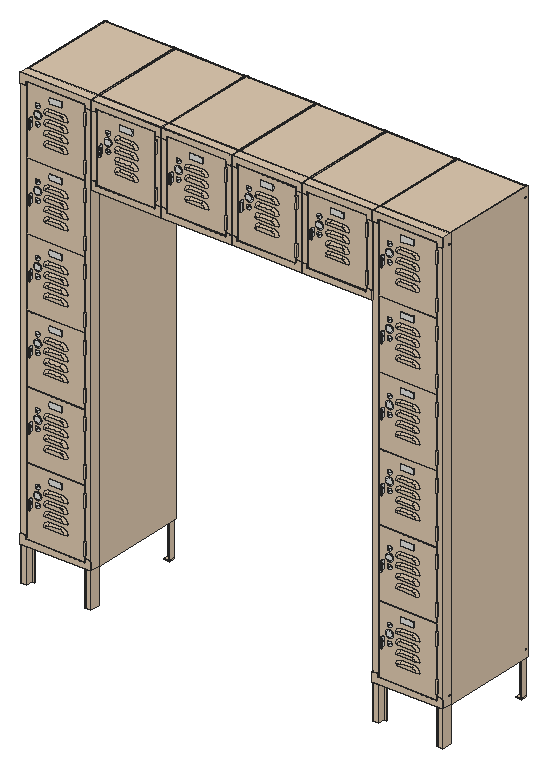
Revit family "Metal_Lockers-Salsbury_Industries-66000_Series-Bridge_Unit", category Specialty Equipment, Revit 2016
Family settings
  Part Type = Normal
  Round Connector Dimension = Use Diameter
  OmniClass Number = 23.40.00.00
  OmniClass Title = Equipment and Furnishings
  Work Plane-Based = No
  Always vertical = Yes
  Cut with Voids When Loaded = No
  Shared = No
  Room Calculation Point = No
Parameters (values of type "66016- with Standard 6" High Legs")
  Zee Base Corner - Right Side = Metal Locker Zee Base Corner : None
  Zee Base Corner - Left Side = Metal Locker Zee Base Corner : None
  Zee Base - Right Side = Metal Locker Zee Base-Right Side : None
  Zee Base - Left Side = Metal Locker Zee Base-Left Side : None
  Zee Base = Metal Locker Zee Base : None
  Width = 72.040"
  Version = "2.0 (03/30/18)"
  Unit Height including Sloping Hood Only [instance] = 82.739"
  URL = "www.lockers.com"
  Type Comments = "Standard Metal Lockers - Six Tier Box Style Bridge"
  Total Doors Height [instance] = 69.81949"
  Sloping Top In-Line Filler - Right Side [instance] = Metal Locker Sloping Top Filler : None
  Sloping Top In-Line Filler - Left Side [instance] = Metal Locker Sloping Top Filler : None
  Sloping Top Corner Filler - Right Side [instance] = Metal Locker Sloping Corner Filler : None
  Sloping Top Corner Filler - Left Side [instance] = Metal Locker Sloping Corner Filler : None
  Sloping Hood Height = 10.739"
  Sloping Hood [instance] = Metal Locker Sloping Hood : None
  Right Side Base [instance] = Metal Locker Right Side Base : None
  Primary Structure Material [instance] = Paint - Salsbury Finish - Tan
  Overall Width including Rivets [instance] = 72.120"
  Unit Height including Base Only [instance] = 78.000"
  Overall Unit Height (including Base and Sloping Hood) [instance] = 88.739"
  OmniClass 23 Title = "Equipment and Furnishings"
  OmniClass 23 Number = "23.40.00.00"
  Model = "66016"
  MasterFormat Title = "Lockers"
  MasterFormat Number = "10 51 13"
  Manufacturer = "Salsbury Industries"
  Left Side Base [instance] = Metal Locker Left Side Base : None
  Individual Door Height [instance] = 11.57358"
  Height = 72.000"
  Hasp Plate Rivet Material = Steel -Salsbury Finish - Polished Steel
  Hasp Handle Material = Plastic - Salsbury Finish - Black
  Front Vertical Filler - Right [instance] = Metal Locker Front Filler : None
  Front Vertical Filler - Left [instance] = Metal Locker Front Filler : None
  Front Base [instance] = Metal Locker Front Base : None
  Flat Top In-Line Filler - Right Side [instance] = Metal Locker Flat Top Filler : None
  Flat Top In-Line Filler - Left Side [instance] = Metal Locker Flat Top Filler : None
  Flat Top Corner Filler - Right Side [instance] = Metal Locker Flat Corner Filler : None
  Flat Top Corner Filler - Left Side [instance] = Metal Locker Flat Corner Filler : None
  Individual Door Width [instance] = 9.901"
  End Panel - Right Side [instance] = Metal Locker End Panel : None
  End Panel - Left Side [instance] = Metal Locker End Panel : None
  Door Location D6 = Metal Locker Doors-12 inch with Latch Hasps : Six Tier Door - 6 foot
  Door Location D5 = Metal Locker Doors-12 inch with Latch Hasps : Six Tier Door - 6 foot
  Door Location D4 = Metal Locker Doors-12 inch with Latch Hasps : Six Tier Door - 6 foot
  Door Location D3 = Metal Locker Doors-12 inch with Latch Hasps : Six Tier Door - 6 foot
  Door Location D2 = Metal Locker Doors-12 inch with Latch Hasps : Six Tier Door - 6 foot
  Door Location D1 = Metal Locker Doors-12 inch with Latch Hasps : Six Tier Door - 6 foot
  Description = "6 Feet High - 18 Inches Deep"
  Depth = 18.010"
  Base Height = 6.000"
  Standard Leg Base = Metal Locker Legs : 6" High - 12"W x 18"D - Bridge
  Assembly Code = "C1030310"
Reference planes (in)
  plane 1 "Center (Front/Back)": y = 0
  plane 2: z = 0
  plane 3 "Center (Left/Right)": x = 0
  plane 4 "Floor": z = 0
  plane 5 "Bottom of Unit": z = 6
  plane 6 "Top of Unit": z = 78
  plane 7 "Left Side of Unit": x = -36.02
  plane 8 "Right Side of Unit": x = 36.02
  plane 9 "Back of Unit": y = 9.005
  plane 10 "Front of Unit": y = -9.005
  plane 11 "Top of Sloping Hood": z = 88.739
  plane 12 "Left Rivet": x = -36.06
  plane 13 "Right Rivet": x = 36.06
  plane 14 "Right Side of Door Opening": x = 35.02
  plane 15 "Left Side of Door Opening": x = -35.02
  plane 16 "Top of Door Opening": z = 77
  plane 17 "Bottom of Door Opening": z = 7
  plane 18 "Back Edge of Front Facing": y = -7.417
  plane 19 "Front Plate Plane": y = -9.065
  plane 20 "Horizontal Center of Top Rivets": z = 76.5
  plane 21 "Horiz Center of Bottom Rivets": z = 7.5
  plane 22 "Vertical Center of Back Rivets": y = 8.505
  plane 23 "Vertical Center of Front Rivets": y = -7.755
  plane 24 "Right Align Top Filler Overlap": x = 35.435
  plane 25 "Left Align Top Filler Overlap": x = -35.435
  plane 26 "Corner Filler Align-Left": x = -36.08
  plane 27 "Corner Filler Align-Right": x = 36.08
  plane 28 "Left Side of Door": x = -34.95029
  plane 29 "Right Side of Door": x = 34.95026
  plane 30 "Top of Door 1": z = 76.90976
  plane 31 "Bottom of Bottom Door": z = 7.09027
  plane 32: z = 18.72685
  plane 33: z = 30.36343
  plane 34: z = 18.78985
  plane 35: z = 30.42643
  plane 36: z = 42.00001
  plane 37: z = 42.06301
  plane 38: z = 18.66385
  plane 39: z = 30.30043
  plane 40: z = 41.93701
  plane 41: x = -35.669
  plane 42: x = 35.669
  plane 43: z = 53.5736
  plane 44: z = 53.6366
  plane 45: z = 53.6996
  plane 46: z = 65.21018
  plane 47: z = 65.27318
  plane 48: z = 65.33618
  plane 49 "Vertical Divider 1 and 2": x = -12.00667
  plane 50 "Vertical Divider 2 and 3": x = 12.00667
  plane 51 "Right Side of Unit 1": x = -24.01333
  plane 52 "Left Side of Unit 2": x = 24.01333
  plane 53: x = -22.94333
  plane 54: x = -23.01333
  plane 55: x = -11.00667
  plane 56: x = -10.93667
  plane 57: x = 1
  plane 58: x = 1.07
  plane 59: x = 13.00667
  plane 60: x = 13.07667
  plane 61 "Bottom of Horizontal Section": z = 64.24759
  plane 62 "Bottom of Door Opening-Horiztonal": z = 65.24759
  plane 63 "Center or Coat Rod": z = 60.1846
  plane 64: x = -25.04929
  plane 65 "Compartment Align 2": z = 54.1366
  plane 66 "Compartment Align 3": z = 42.50001
  plane 67 "Compartment Align 4": z = 30.86343
  plane 68 "Compartment Align 5": z = 19.22685
  plane 69 "Compartment Align 1": z = 65.74759
  plane 70: y = 8.945
  plane 71: y = 8.88719
  plane 72: y = 8.145
  plane 73: x = 35.95967
  plane 74: x = 35.89967
  plane 75: x = 35.63467
  plane 76: x = 24.133
  plane 77: x = 24.39757
  plane 78: x = 24.073
  plane 79: z = 76.40796
  plane 80: z = 77
  plane 81: x = 35.095
  plane 82: x = 24.93833
  plane 83: x = 35.095
  plane 84: x = 24.93833
  plane 85: z = 7.59204
  plane 86: z = 7
  plane 87: z = 77.94
  plane 88: z = 77.20499
  plane 89: z = 65.68759
  plane 90: z = 64.95258
  plane 91: z = 54.0766
  plane 92: z = 53.34159
  plane 93: z = 42.44001
  plane 94: z = 41.705
  plane 95: z = 30.80343
  plane 96: z = 30.06842
  plane 97: z = 19.16685
  plane 98: z = 18.43184
  plane 99: z = 6.9204
  plane 100: z = 6.18539
  plane 101: x = -35.96
  plane 102: x = -35.9
  plane 103: x = -35.635
  plane 104: x = -24.39833
  plane 105: x = -24.07333
  plane 106: x = -24.13333
  plane 107: x = -23.95333
  plane 108: x = -23.89333
  plane 109: x = -23.62833
  plane 110: x = 23.953
  plane 111: x = 22.953
  plane 112: x = -22.953
  plane 113: x = -12.06667
  plane 114: x = -12.12667
  plane 115: x = -12.39167
  plane 116: x = -11.94667
  plane 117: x = -11.88667
  plane 118: x = -11.62167
  plane 119: x = -0.06
  plane 120: x = -0.12
  plane 121: x = -0.385
  plane 122: x = 0.06
  plane 123: x = 0.12
  plane 124: x = 0.385
  plane 125: x = 11.94667
  plane 126: x = 11.88667
  plane 127: x = 11.62167
  plane 128: x = 12.06667
  plane 129: x = 12.12667
  plane 130: x = 12.39167
  plane 131: x = 23.89333
  plane 132: x = 23.62833
  plane 133: x = -24.93833
  plane 134: x = -35.095
  plane 135: x = -23.08833
  plane 136: x = -35.095
  plane 137: x = -24.93833
  plane 138: z = 7.59204
  plane 139: z = 7
  plane 140: z = 65.83963
  plane 141: x = -11.08167
  plane 142: x = -0.925
  plane 143: x = 0.925
  plane 144: x = 11.08167
  plane 145: x = 12.93167
  plane 146: x = 23.08833
  plane 147: x = -12.93167
  plane 148: z = 65.16799
  plane 149: z = 64.43298
  plane 150: x = -13.00667
  plane 151: x = -1
  plane 152: x = 11.00667
  plane 153: x = 23.01333
  plane 154: x = 25.01333
  plane 155: z = 60.68452
  plane 156: z = 59.68447
Forms (in)
  Sweep 1, solid, material "Paint - Salsbury Finish - Tan" <- "Primary Structure Material"
    path origin (0, -9.005, 0) x (1, 0, 0) y (0, 0, 1)
      loop
        line (-36.02, 78) -> (-36.02, 6) -> (-24.01333, 6) -> (-24.01333, 78) -> (-36.02, 78)
    profile origin (-30.01667, -9.005, 78) x (0, 0, 1) y (0, -1, 0)
      loop
        line (0, 0) -> (-1, 0) -> (-1, -1.588) -> (0, -1.588) -> (0, 0)
  Extrusion 2, solid, material "Paint - Salsbury Finish - Tan" <- "Primary Structure Material"
    sketch origin (0, 0, 6) x (0, -1, 0) y (1, 0, 0)
      loop
        line (7.417, -24.01333) -> (-9.005, -24.01333) -> (-9.005, -24.39833) -> (-8.945, -24.39833) -> (-8.945, -24.07333) -> (7.417, -24.07333) -> (7.417, -24.01333)
    from 0 to 72
  Extrusion 3, solid, material "Paint - Salsbury Finish - Tan" <- "Primary Structure Material"
    sketch origin (0, 0, 6) x (0, -1, 0) y (1, 0, 0)
      loop
        line (7.417, -36.02) -> (7.417, -35.96) -> (-8.945, -35.96) -> (-8.945, -35.635) -> (-9.005, -35.635) -> (-9.005, -36.02) -> (7.417, -36.02)
    from 0 to 72
  Extrusion 4, solid, material "Paint - Salsbury Finish - Tan" <- "Primary Structure Material"
    sketch origin (0, 0, 6) x (0, -1, 0) y (1, 0, 0)
      loop
        line (-8.945, -35.96) -> (-8.145, -35.96) -> (-8.145, -35.9) -> (-8.88719, -35.9) -> (-8.88719, -24.13333) -> (-8.145, -24.13333) -> (-8.145, -24.07333) -> (-8.945, -24.07333) -> (-8.945, -35.96)
    from 0 to 72
  Sweep 5, solid, material "Paint - Salsbury Finish - Tan" <- "Primary Structure Material"
    path origin (0, 0, 7) x (0, -1, 0) y (1, 0, 0)
      loop
        line (7.417, -35.96) -> (7.417, -24.07333) -> (-8.145, -24.07333) -> (-8.145, -24.13333) -> (-8.88719, -24.13333) -> (-8.88719, -35.9) -> (-8.145, -35.9) -> (-8.145, -35.96) -> (7.417, -35.96)
    profile origin (-35.96, 0.364, 7) x (-1, 0, 0) y (0, 0, 1)
      loop
        line (0, -0.81461) -> (0, -0.0796) -> (-0.06, -0.0796) -> (-0.06, -0.81461) -> (0, -0.81461)
  Extrusion 6, solid, material "Paint - Salsbury Finish - Tan" <- "Primary Structure Material"
    sketch origin (0, 0, 7) x (0, -1, 0) y (1, 0, 0)
      loop
        line (-8.88719, -35.9) -> (-8.145, -35.9) -> (-8.145, -35.96) -> (7.417, -35.96) -> (7.417, -24.07333) -> (-8.145, -24.07333) -> (-8.145, -24.13333) -> (-8.88719, -24.13333) -> (-8.88719, -35.9)
    from -0.0796 to 0
  Extrusion 7, solid, material "Paint - Salsbury Finish - Tan" <- "Primary Structure Material"
    sketch origin (0, 0, 78) x (0, -1, 0) y (1, 0, 0)
      loop
        line (-8.88719, -35.9) -> (-8.145, -35.9) -> (-8.145, -35.96) -> (7.417, -35.96) -> (7.417, -24.07333) -> (-8.145, -24.07333) -> (-8.145, -24.13333) -> (-8.88719, -24.13333) -> (-8.88719, -35.9)
    from -0.06 to 0
  Sweep 8, solid, material "Paint - Salsbury Finish - Tan" <- "Primary Structure Material"
    path origin (0, 0, 78) x (0, -1, 0) y (1, 0, 0)
      loop
        line (7.417, -35.96) -> (7.417, -24.07333) -> (-8.145, -24.07333) -> (-8.145, -24.13333) -> (-8.88719, -24.13333) -> (-8.88719, -35.9) -> (-8.145, -35.9) -> (-8.145, -35.96) -> (7.417, -35.96)
    profile origin (-35.96, 0.364, 78) x (-1, 0, 0) y (0, 0, 1)
      loop
        line (0, -0.79501) -> (0, -0.06) -> (-0.06, -0.06) -> (-0.06, -0.79501) -> (0, -0.79501)
  Extrusion 9, solid, material "Paint - Salsbury Finish - Tan" <- "Primary Structure Material"
    sketch origin (0, -9.065, 0) x (0, 0, -1) y (1, 0, 0)
      loop
        line (-78, -36.02) -> (-76.47656, -36.02)
        arc (-76.47656, -36.02) -> (-76.42806, -35.99991) -> (-76.40796, -35.9514) r 0.0686
        line (-76.40796, -35.9514) -> (-76.40796, -35.16351)
        arc (-76.40796, -35.16351) -> (-76.42809, -35.11506) -> (-76.47656, -35.095) r 0.0686
        line (-76.47656, -35.095) -> (-77, -35.095) -> (-77, -24.93833) -> (-76.47656, -24.93833)
        arc (-76.47656, -24.93833) -> (-76.42809, -24.91827) -> (-76.40796, -24.86982) r 0.0686
        line (-76.40796, -24.86982) -> (-76.40796, -24.08193)
        arc (-76.40796, -24.08193) -> (-76.42806, -24.03343) -> (-76.47656, -24.01333) r 0.0686
        line (-76.47656, -24.01333) -> (-78, -24.01333) -> (-78, -36.02)
    from -0.06 to 0
  Extrusion 10, solid, material "Paint - Salsbury Finish - Tan" <- "Primary Structure Material"
    sketch origin (0, -9.065, 84) x (0, 0, 1) y (-1, 0, 0)
      loop
        line (-78, 36.02) -> (-78, 24.01333) -> (-76.47656, 24.01333)
        arc (-76.47656, 24.01333) -> (-76.42806, 24.03343) -> (-76.40796, 24.08193) r 0.0686
        line (-76.40796, 24.08193) -> (-76.40796, 24.86982)
        arc (-76.40796, 24.86982) -> (-76.42809, 24.91827) -> (-76.47656, 24.93833) r 0.0686
        line (-76.47656, 24.93833) -> (-77, 24.93833) -> (-77, 35.095) -> (-76.47656, 35.095)
        arc (-76.47656, 35.095) -> (-76.42809, 35.11506) -> (-76.40796, 35.16351) r 0.0686
        line (-76.40796, 35.16351) -> (-76.40796, 35.9514)
        arc (-76.40796, 35.9514) -> (-76.42806, 35.99991) -> (-76.47656, 36.02) r 0.0686
        line (-76.47656, 36.02) -> (-78, 36.02)
    from -0.06 to 0
  Blend 11, solid, material "Steel -Salsbury Finish - Polished Steel" <- "Hasp Plate Rivet Material"
    base sketch origin (36.02, -84.255, 68.745) x (0, -1, 0) y (0, 0, 1)
      loop
        circle (-76.5, 7.755) r 0.187
    top sketch origin (36.02, -84.255, 68.745) x (0, -1, 0) y (0, 0, 1)
      loop
        circle (-76.5, 7.755) r 0.05319
    from 0 to -0.04
  Blend 12, solid, material "Steel -Salsbury Finish - Polished Steel" <- "Hasp Plate Rivet Material"
    base sketch origin (36.02, -84.255, -0.255) x (0, -1, 0) y (0, 0, 1)
      loop
        circle (-76.5, 7.755) r 0.187
    top sketch origin (36.02, -84.255, -0.255) x (0, -1, 0) y (0, 0, 1)
      loop
        circle (-76.5, 7.755) r 0.05319
    from 0 to -0.04
  Blend 13, solid, material "Steel -Salsbury Finish - Polished Steel" <- "Hasp Plate Rivet Material"
    base sketch origin (36.02, 85.005, 9.255) x (0, 1, 0) y (0, 0, -1)
      loop
        circle (-76.5, 1.755) r 0.187
    top sketch origin (36.02, 85.005, 9.255) x (0, 1, 0) y (0, 0, -1)
      loop
        circle (-76.5, 1.755) r 0.05319
    from 0 to -0.04
  Blend 14, solid, material "Steel -Salsbury Finish - Polished Steel" <- "Hasp Plate Rivet Material"
    base sketch origin (36.02, 85.005, 78.255) x (0, 1, 0) y (0, 0, -1)
      loop
        circle (-76.5, 1.755) r 0.187
    top sketch origin (36.02, 85.005, 78.255) x (0, 1, 0) y (0, 0, -1)
      loop
        circle (-76.5, 1.755) r 0.05319
    from 0 to -0.04
  Blend 15, solid, material "Steel -Salsbury Finish - Polished Steel" <- "Hasp Plate Rivet Material"
    base sketch origin (-6.02, -84.255, -0.255) x (0, -1, 0) y (0, 0, -1)
      loop
        circle (-76.5, -7.755) r 0.187
    top sketch origin (-6.02, -84.255, -0.255) x (0, -1, 0) y (0, 0, -1)
      loop
        circle (-76.5, -7.755) r 0.05319
    from -30 to -30.04
  Blend 16, solid, material "Steel -Salsbury Finish - Polished Steel" <- "Hasp Plate Rivet Material"
    base sketch origin (-6.02, -67.995, 5.745) x (0, -1, 0) y (0, 0, -1)
      loop
        circle (-76.5, -1.755) r 0.187
    top sketch origin (-6.02, -67.995, 5.745) x (0, -1, 0) y (0, 0, -1)
      loop
        circle (-76.5, -1.755) r 0.05319
    from -30 to -30.04
  Blend 17, solid, material "Steel -Salsbury Finish - Polished Steel" <- "Hasp Plate Rivet Material"
    base sketch origin (-6.02, -84.255, 68.745) x (0, -1, 0) y (0, 0, -1)
      loop
        circle (-76.5, -7.755) r 0.187
    top sketch origin (-6.02, -84.255, 68.745) x (0, -1, 0) y (0, 0, -1)
      loop
        circle (-76.5, -7.755) r 0.05319
    from -30 to -30.04
  Blend 18, solid, material "Steel -Salsbury Finish - Polished Steel" <- "Hasp Plate Rivet Material"
    base sketch origin (-6.02, -67.995, 74.745) x (0, -1, 0) y (0, 0, -1)
      loop
        circle (-76.5, -1.755) r 0.187
    top sketch origin (-6.02, -67.995, 74.745) x (0, -1, 0) y (0, 0, -1)
      loop
        circle (-76.5, -1.755) r 0.05319
    from -30 to -30.04
  Sweep 19, solid, material "Paint - Salsbury Finish - Tan" <- "Primary Structure Material"
    path origin (12.01333, -9.005, 0) x (1, 0, 0) y (0, 0, 1)
      loop
        line (-36.02667, 78) -> (-36.02667, 64.24759) -> (-24.02, 64.24759) -> (-24.02, 78) -> (-36.02667, 78)
    profile origin (-18.01, -9.005, 78) x (0, 0, 1) y (0, -1, 0)
      loop
        line (0, 0) -> (-1, 0) -> (-1, -1.588) -> (0, -1.588) -> (0, 0)
  Sweep 20, solid, material "Paint - Salsbury Finish - Tan" <- "Primary Structure Material"
    path origin (24.02667, -9.005, 0) x (1, 0, 0) y (0, 0, 1)
      loop
        line (-0.01333, 78) -> (-0.01333, 6) -> (11.99333, 6) -> (11.99333, 78) -> (-0.01333, 78)
    profile origin (30.01667, -9.005, 78) x (0, 0, 1) y (0, -1, 0)
      loop
        line (0, 0) -> (-1, 0) -> (-1, -1.588) -> (0, -1.588) -> (0, 0)
  Extrusion 21, solid, material "Paint - Salsbury Finish - Tan" <- "Primary Structure Material"
    sketch origin (12.00667, -9.065, 0) x (0, 0, -1) y (1, 0, 0)
      loop
        line (-78, -36.02) -> (-76.47656, -36.02)
        arc (-76.47656, -36.02) -> (-76.42806, -35.99991) -> (-76.40796, -35.9514) r 0.0686
        line (-76.40796, -35.9514) -> (-76.40796, -35.1636)
        arc (-76.40796, -35.1636) -> (-76.42806, -35.11509) -> (-76.47656, -35.095) r 0.0686
        line (-76.47656, -35.095) -> (-77, -35.095) -> (-77, -24.93833) -> (-76.47656, -24.93833)
        arc (-76.47656, -24.93833) -> (-76.42809, -24.91827) -> (-76.40796, -24.86982) r 0.0686
        line (-76.40796, -24.86982) -> (-76.40796, -24.08193)
        arc (-76.40796, -24.08193) -> (-76.42806, -24.03343) -> (-76.47656, -24.01333) r 0.0686
        line (-76.47656, -24.01333) -> (-78, -24.01333) -> (-78, -36.02)
    from -0.06 to 0
  Extrusion 22, solid, material "Paint - Salsbury Finish - Tan" <- "Primary Structure Material"
    sketch origin (12.00667, -9.065, 142.24759) x (0, 0, 1) y (-1, 0, 0)
      loop
        line (-78, 36.02) -> (-78, 24.01333) -> (-76.47656, 24.01333)
        arc (-76.47656, 24.01333) -> (-76.42806, 24.03343) -> (-76.40796, 24.08193) r 0.0686
        line (-76.40796, 24.08193) -> (-76.40796, 24.86982)
        arc (-76.40796, 24.86982) -> (-76.42809, 24.91827) -> (-76.47656, 24.93833) r 0.0686
        line (-76.47656, 24.93833) -> (-77, 24.93833) -> (-77, 35.095) -> (-76.47656, 35.095)
        arc (-76.47656, 35.095) -> (-76.42809, 35.11506) -> (-76.40796, 35.16351) r 0.0686
        line (-76.40796, 35.16351) -> (-76.40796, 35.9514)
        arc (-76.40796, 35.9514) -> (-76.42806, 35.99991) -> (-76.47656, 36.02) r 0.0686
        line (-76.47656, 36.02) -> (-78, 36.02)
    from -0.06 to 0
  Extrusion 23, solid, material "Paint - Salsbury Finish - Tan" <- "Primary Structure Material"
    sketch origin (24.01333, -9.065, 0) x (0, 0, -1) y (1, 0, 0)
      loop
        line (-78, -36.02) -> (-76.47656, -36.02)
        arc (-76.47656, -36.02) -> (-76.42806, -35.99991) -> (-76.40796, -35.9514) r 0.0686
        line (-76.40796, -35.9514) -> (-76.40796, -35.16351)
        arc (-76.40796, -35.16351) -> (-76.42809, -35.11506) -> (-76.47656, -35.095) r 0.0686
        line (-76.47656, -35.095) -> (-77, -35.095) -> (-77, -24.93833) -> (-76.47656, -24.93833)
        arc (-76.47656, -24.93833) -> (-76.42809, -24.91827) -> (-76.40796, -24.86982) r 0.0686
        line (-76.40796, -24.86982) -> (-76.40796, -24.08193)
        arc (-76.40796, -24.08193) -> (-76.42806, -24.03343) -> (-76.47656, -24.01333) r 0.0686
        line (-76.47656, -24.01333) -> (-78, -24.01333) -> (-78, -36.02)
    from -0.06 to 0
  Extrusion 24, solid, material "Paint - Salsbury Finish - Tan" <- "Primary Structure Material"
    sketch origin (24.01333, -9.065, 142.24759) x (0, 0, 1) y (-1, 0, 0)
      loop
        line (-78, 36.02) -> (-78, 24.01333) -> (-76.47656, 24.01333)
        arc (-76.47656, 24.01333) -> (-76.42806, 24.03343) -> (-76.40796, 24.08193) r 0.0686
        line (-76.40796, 24.08193) -> (-76.40796, 24.86982)
        arc (-76.40796, 24.86982) -> (-76.42809, 24.91827) -> (-76.47656, 24.93833) r 0.0686
        line (-76.47656, 24.93833) -> (-77, 24.93833) -> (-77, 35.095) -> (-76.47656, 35.095)
        arc (-76.47656, 35.095) -> (-76.42809, 35.11506) -> (-76.40796, 35.16351) r 0.0686
        line (-76.40796, 35.16351) -> (-76.40796, 35.9514)
        arc (-76.40796, 35.9514) -> (-76.42806, 35.99991) -> (-76.47656, 36.02) r 0.0686
        line (-76.47656, 36.02) -> (-78, 36.02)
    from -0.06 to 0
  Extrusion 25, solid, material "Paint - Salsbury Finish - Tan" <- "Primary Structure Material"
    sketch origin (36.02, -9.065, 0) x (0, 0, -1) y (1, 0, 0)
      loop
        line (-78, -36.02) -> (-76.47656, -36.02)
        arc (-76.47656, -36.02) -> (-76.42806, -35.99991) -> (-76.40796, -35.9514) r 0.0686
        line (-76.40796, -35.9514) -> (-76.40796, -35.16351)
        arc (-76.40796, -35.16351) -> (-76.42809, -35.11506) -> (-76.47656, -35.095) r 0.0686
        line (-76.47656, -35.095) -> (-77, -35.095) -> (-77, -24.93833) -> (-76.47656, -24.93833)
        arc (-76.47656, -24.93833) -> (-76.42809, -24.91827) -> (-76.40796, -24.86982) r 0.0686
        line (-76.40796, -24.86982) -> (-76.40796, -24.08193)
        arc (-76.40796, -24.08193) -> (-76.42806, -24.03343) -> (-76.47656, -24.01333) r 0.0686
        line (-76.47656, -24.01333) -> (-78, -24.01333) -> (-78, -36.02)
    from -0.06 to 0
  Extrusion 26, solid, material "Paint - Salsbury Finish - Tan" <- "Primary Structure Material"
    sketch origin (36.02, -9.065, 142.24759) x (0, 0, 1) y (-1, 0, 0)
      loop
        line (-78, 36.02) -> (-78, 24.01333) -> (-76.47656, 24.01333)
        arc (-76.47656, 24.01333) -> (-76.42806, 24.03343) -> (-76.40796, 24.08193) r 0.0686
        line (-76.40796, 24.08193) -> (-76.40796, 24.86982)
        arc (-76.40796, 24.86982) -> (-76.42809, 24.91827) -> (-76.47656, 24.93833) r 0.0686
        line (-76.47656, 24.93833) -> (-77, 24.93833) -> (-77, 35.095) -> (-76.47656, 35.095)
        arc (-76.47656, 35.095) -> (-76.42809, 35.11506) -> (-76.40796, 35.16351) r 0.0686
        line (-76.40796, 35.16351) -> (-76.40796, 35.9514)
        arc (-76.40796, 35.9514) -> (-76.42806, 35.99991) -> (-76.47656, 36.02) r 0.0686
        line (-76.47656, 36.02) -> (-78, 36.02)
    from -0.06 to 0
  Extrusion 27, solid, material "Paint - Salsbury Finish - Tan" <- "Primary Structure Material"
    sketch origin (48.02667, -9.065, 0) x (0, 0, -1) y (1, 0, 0)
      loop
        line (-78, -36.02) -> (-76.47656, -36.02)
        arc (-76.47656, -36.02) -> (-76.42806, -35.99991) -> (-76.40796, -35.9514) r 0.0686
        line (-76.40796, -35.9514) -> (-76.40796, -35.16351)
        arc (-76.40796, -35.16351) -> (-76.42809, -35.11506) -> (-76.47656, -35.095) r 0.0686
        line (-76.47656, -35.095) -> (-77, -35.095) -> (-77, -24.93833) -> (-76.47656, -24.93833)
        arc (-76.47656, -24.93833) -> (-76.42809, -24.91827) -> (-76.40796, -24.86982) r 0.0686
        line (-76.40796, -24.86982) -> (-76.40796, -24.08193)
        arc (-76.40796, -24.08193) -> (-76.42806, -24.03343) -> (-76.47656, -24.01333) r 0.0686
        line (-76.47656, -24.01333) -> (-78, -24.01333) -> (-78, -36.02)
    from -0.06 to 0
  Extrusion 28, solid, material "Paint - Salsbury Finish - Tan" <- "Primary Structure Material"
    sketch origin (48.02667, -9.065, 142.24759) x (0, 0, 1) y (-1, 0, 0)
      loop
        line (-78, 36.02) -> (-78, 24.01333) -> (-76.47656, 24.01333)
        arc (-76.47656, 24.01333) -> (-76.42806, 24.03343) -> (-76.40796, 24.08193) r 0.0686
        line (-76.40796, 24.08193) -> (-76.40796, 24.86982)
        arc (-76.40796, 24.86982) -> (-76.42809, 24.91827) -> (-76.47656, 24.93833) r 0.0686
        line (-76.47656, 24.93833) -> (-77, 24.93833) -> (-77, 35.095) -> (-76.47656, 35.095)
        arc (-76.47656, 35.095) -> (-76.42809, 35.11506) -> (-76.40796, 35.16351) r 0.0686
        line (-76.40796, 35.16351) -> (-76.40796, 35.9514)
        arc (-76.40796, 35.9514) -> (-76.42806, 35.99991) -> (-76.47656, 36.02) r 0.0686
        line (-76.47656, 36.02) -> (-78, 36.02)
    from -0.06 to 0
  Extrusion 29, solid, material "Paint - Salsbury Finish - Tan" <- "Primary Structure Material"
    sketch origin (60.03333, -9.065, 0) x (0, 0, -1) y (1, 0, 0)
      loop
        line (-78, -36.02) -> (-76.47656, -36.02)
        arc (-76.47656, -36.02) -> (-76.42806, -35.99991) -> (-76.40796, -35.9514) r 0.0686
        line (-76.40796, -35.9514) -> (-76.40796, -35.16351)
        arc (-76.40796, -35.16351) -> (-76.42809, -35.11506) -> (-76.47656, -35.095) r 0.0686
        line (-76.47656, -35.095) -> (-77, -35.095) -> (-77, -24.93833) -> (-76.47656, -24.93833)
        arc (-76.47656, -24.93833) -> (-76.42809, -24.91827) -> (-76.40796, -24.86982) r 0.0686
        line (-76.40796, -24.86982) -> (-76.40796, -24.08193)
        arc (-76.40796, -24.08193) -> (-76.42806, -24.03343) -> (-76.47656, -24.01333) r 0.0686
        line (-76.47656, -24.01333) -> (-78, -24.01333) -> (-78, -36.02)
    from -0.06 to 0
  Extrusion 30, solid, material "Paint - Salsbury Finish - Tan" <- "Primary Structure Material"
    sketch origin (60.03333, -9.065, 84) x (0, 0, 1) y (-1, 0, 0)
      loop
        line (-78, 36.02) -> (-78, 24.01333) -> (-76.47656, 24.01333)
        arc (-76.47656, 24.01333) -> (-76.42806, 24.03343) -> (-76.40796, 24.08193) r 0.0686
        line (-76.40796, 24.08193) -> (-76.40796, 24.86982)
        arc (-76.40796, 24.86982) -> (-76.42809, 24.91827) -> (-76.47656, 24.93833) r 0.0686
        line (-76.47656, 24.93833) -> (-77, 24.93833) -> (-77, 35.095) -> (-76.47656, 35.095)
        arc (-76.47656, 35.095) -> (-76.42809, 35.11506) -> (-76.40796, 35.16351) r 0.0686
        line (-76.40796, 35.16351) -> (-76.40796, 35.9514)
        arc (-76.40796, 35.9514) -> (-76.42806, 35.99991) -> (-76.47656, 36.02) r 0.0686
        line (-76.47656, 36.02) -> (-78, 36.02)
    from -0.06 to 0
  Sweep 31, solid, material "Paint - Salsbury Finish - Tan" <- "Primary Structure Material"
    path origin (24.02, -9.005, 0) x (1, 0, 0) y (0, 0, 1)
      loop
        line (-36.02667, 78) -> (-36.02667, 64.24759) -> (-24.02, 64.24759) -> (-24.02, 78) -> (-36.02667, 78)
    profile origin (-6.00333, -9.005, 78) x (0, 0, 1) y (0, -1, 0)
      loop
        line (0, 0) -> (-1, 0) -> (-1, -1.588) -> (0, -1.588) -> (0, 0)
  Sweep 32, solid, material "Paint - Salsbury Finish - Tan" <- "Primary Structure Material"
    path origin (36.02667, -9.005, 0) x (1, 0, 0) y (0, 0, 1)
      loop
        line (-36.02667, 78) -> (-36.02667, 64.24759) -> (-24.02, 64.24759) -> (-24.02, 78) -> (-36.02667, 78)
    profile origin (6.00333, -9.005, 78) x (0, 0, 1) y (0, -1, 0)
      loop
        line (0, 0) -> (-1, 0) -> (-1, -1.588) -> (0, -1.588) -> (0, 0)
  Sweep 33, solid, material "Paint - Salsbury Finish - Tan" <- "Primary Structure Material"
    path origin (48.03333, -9.005, 0) x (1, 0, 0) y (0, 0, 1)
      loop
        line (-36.02667, 78) -> (-36.02667, 64.24759) -> (-24.02, 64.24759) -> (-24.02, 78) -> (-36.02667, 78)
    profile origin (18.01, -9.005, 78) x (0, 0, 1) y (0, -1, 0)
      loop
        line (0, 0) -> (-1, 0) -> (-1, -1.588) -> (0, -1.588) -> (0, 0)
  Extrusion 34, solid, material "Paint - Salsbury Finish - Tan" <- "Primary Structure Material"
    sketch origin (60.033, 0, 6) x (0, -1, 0) y (1, 0, 0)
      loop
        line (7.417, -24.013) -> (-9.005, -24.013) -> (-9.005, -24.39833) -> (-8.945, -24.39833) -> (-8.945, -24.07333) -> (7.417, -24.07333) -> (7.417, -24.013)
    from 0 to 72
  Extrusion 35, solid, material "Paint - Salsbury Finish - Tan" <- "Primary Structure Material"
    sketch origin (60.033, 0, 6) x (0, -1, 0) y (1, 0, 0)
      loop
        line (7.417, -36.01967) -> (7.417, -35.96) -> (-8.945, -35.96) -> (-8.945, -35.63543) -> (-9.005, -35.63543) -> (-9.005, -36.01967) -> (7.417, -36.01967)
    from 0 to 72
  Extrusion 36, solid, material "Paint - Salsbury Finish - Tan" <- "Primary Structure Material"
    sketch origin (60.033, 0, 6) x (0, -1, 0) y (1, 0, 0)
      loop
        line (-8.945, -35.96) -> (-8.145, -35.96) -> (-8.145, -35.9) -> (-8.88719, -35.9) -> (-8.88719, -24.13333) -> (-8.145, -24.13333) -> (-8.145, -24.07333) -> (-8.945, -24.07333) -> (-8.945, -35.96)
    from 0 to 72
  Sweep 37, solid, material "Paint - Salsbury Finish - Tan" <- "Primary Structure Material"
    path origin (60.033, 0, 7) x (0, -1, 0) y (1, 0, 0)
      loop
        line (7.417, -35.96) -> (7.417, -24.07333) -> (-8.145, -24.07333) -> (-8.145, -24.13333) -> (-8.88719, -24.13333) -> (-8.88719, -35.9) -> (-8.145, -35.9) -> (-8.145, -35.96) -> (7.417, -35.96)
    profile origin (24.073, 0.364, 7) x (-1, 0, 0) y (0, 0, 1)
      loop
        line (0, -0.81461) -> (0, -0.0796) -> (-0.06, -0.0796) -> (-0.06, -0.81461) -> (0, -0.81461)
  Extrusion 38, solid, material "Paint - Salsbury Finish - Tan" <- "Primary Structure Material"
    sketch origin (60.033, 0, 7) x (0, -1, 0) y (1, 0, 0)
      loop
        line (-8.88719, -35.9) -> (-8.145, -35.9) -> (-8.145, -35.96) -> (7.417, -35.96) -> (7.417, -24.07333) -> (-8.145, -24.07333) -> (-8.145, -24.13333) -> (-8.88719, -24.13333) -> (-8.88719, -35.9)
    from -0.0796 to 0
  Extrusion 39, solid, material "Paint - Salsbury Finish - Tan" <- "Primary Structure Material"
    sketch origin (60.033, 0, 78) x (0, -1, 0) y (1, 0, 0)
      loop
        line (-8.88719, -35.9) -> (-8.145, -35.9) -> (-8.145, -35.96) -> (7.417, -35.96) -> (7.417, -24.07333) -> (-8.145, -24.07333) -> (-8.145, -24.13333) -> (-8.88719, -24.13333) -> (-8.88719, -35.9)
    from -0.06 to 0
  Sweep 40, solid, material "Paint - Salsbury Finish - Tan" <- "Primary Structure Material"
    path origin (60.033, 0, 78) x (0, -1, 0) y (1, 0, 0)
      loop
        line (7.417, -35.96) -> (7.417, -24.07333) -> (-8.145, -24.07333) -> (-8.145, -24.13333) -> (-8.88719, -24.13333) -> (-8.88719, -35.9) -> (-8.145, -35.9) -> (-8.145, -35.96) -> (7.417, -35.96)
    profile origin (24.073, 0.364, 78) x (-1, 0, 0) y (0, 0, 1)
      loop
        line (0, -0.79501) -> (0, -0.06) -> (-0.06, -0.06) -> (-0.06, -0.79501) -> (0, -0.79501)
  Extrusion 41, solid, material "Paint - Salsbury Finish - Tan" <- "Primary Structure Material"
    sketch origin (24.01333, 0, 6) x (0, -1, 0) y (1, 0, 0)
      loop
        line (7.417, -24.01333) -> (-9.005, -24.01333) -> (-9.005, -24.39833) -> (-8.945, -24.39833) -> (-8.945, -24.07333) -> (7.417, -24.07333) -> (7.417, -24.01333)
    from 58.24759 to 72
  Extrusion 42, solid, material "Paint - Salsbury Finish - Tan" <- "Primary Structure Material"
    sketch origin (24.01333, 0, 6) x (0, -1, 0) y (1, 0, 0)
      loop
        line (7.417, -36.02) -> (7.417, -35.96) -> (-8.945, -35.96) -> (-8.945, -35.635) -> (-9.005, -35.635) -> (-9.005, -36.02) -> (7.417, -36.02)
    from 58.24759 to 72
  Extrusion 43, solid, material "Paint - Salsbury Finish - Tan" <- "Primary Structure Material"
    sketch origin (24.01333, 0, 6) x (0, -1, 0) y (1, 0, 0)
      loop
        line (-8.945, -35.96) -> (-8.145, -35.96) -> (-8.145, -35.9) -> (-8.88719, -35.9) -> (-8.88719, -24.13333) -> (-8.145, -24.13333) -> (-8.145, -24.07333) -> (-8.945, -24.07333) -> (-8.945, -35.96)
    from 58.24759 to 72
  Sweep 44, solid, material "Paint - Salsbury Finish - Tan" <- "Primary Structure Material"
    path origin (0, 0, 65.24759) x (-1, 0, 0) y (0, -1, 0)
      loop
        line (11.94667, 7.417) -> (0.06, 7.417) -> (0.06, -8.145) -> (0.12, -8.145) -> (0.12, -8.88719) -> (11.88667, -8.88719) -> (11.88667, -8.145) -> (11.94667, -8.145) -> (11.94667, 7.417)
    profile origin (-11.94667, 0.364, 65.24759) x (-1, 0, 0) y (0, 0, 1)
      loop
        line (0, -0.81461) -> (0, -0.0796) -> (-0.06, -0.0796) -> (-0.06, -0.81461) -> (0, -0.81461)
  Extrusion 45, solid, material "Paint - Salsbury Finish - Tan" <- "Primary Structure Material"
    sketch origin (0, 0, 65.24759) x (-1, 0, 0) y (0, -1, 0)
      loop
        line (11.88667, -8.88719) -> (11.88667, -8.145) -> (11.94667, -8.145) -> (11.94667, 7.417) -> (0.06, 7.417) -> (0.06, -8.145) -> (0.12, -8.145) -> (0.12, -8.88719) -> (11.88667, -8.88719)
    from -0.0796 to 0
  Extrusion 46, solid, material "Paint - Salsbury Finish - Tan" <- "Primary Structure Material"
    sketch origin (24.01333, 0, 78) x (0, -1, 0) y (1, 0, 0)
      loop
        line (-8.88719, -35.9) -> (-8.145, -35.9) -> (-8.145, -35.96) -> (7.417, -35.96) -> (7.417, -24.07333) -> (-8.145, -24.07333) -> (-8.145, -24.13333) -> (-8.88719, -24.13333) -> (-8.88719, -35.9)
    from -0.06 to 0
  Sweep 47, solid, material "Paint - Salsbury Finish - Tan" <- "Primary Structure Material"
    path origin (24.01333, 0, 78) x (0, -1, 0) y (1, 0, 0)
      loop
        line (7.417, -35.96) -> (7.417, -24.07333) -> (-8.145, -24.07333) -> (-8.145, -24.13333) -> (-8.88719, -24.13333) -> (-8.88719, -35.9) -> (-8.145, -35.9) -> (-8.145, -35.96) -> (7.417, -35.96)
    profile origin (-11.94667, 0.364, 78) x (-1, 0, 0) y (0, 0, 1)
      loop
        line (0, -0.79501) -> (0, -0.06) -> (-0.06, -0.06) -> (-0.06, -0.79501) -> (0, -0.79501)
  Extrusion 48, solid, material "Paint - Salsbury Finish - Tan" <- "Primary Structure Material"
    sketch origin (12.00667, 0, 6) x (0, -1, 0) y (1, 0, 0)
      loop
        line (7.417, -24.01333) -> (-9.005, -24.01333) -> (-9.005, -24.39833) -> (-8.945, -24.39833) -> (-8.945, -24.07333) -> (7.417, -24.07333) -> (7.417, -24.01333)
    from 58.24759 to 72
  Extrusion 49, solid, material "Paint - Salsbury Finish - Tan" <- "Primary Structure Material"
    sketch origin (12.00667, 0, 6) x (0, -1, 0) y (1, 0, 0)
      loop
        line (7.417, -36.02) -> (7.417, -35.96) -> (-8.945, -35.96) -> (-8.945, -35.635) -> (-9.005, -35.635) -> (-9.005, -36.02) -> (7.417, -36.02)
    from 58.24759 to 72
  Extrusion 50, solid, material "Paint - Salsbury Finish - Tan" <- "Primary Structure Material"
    sketch origin (12.00667, 0, 6) x (0, -1, 0) y (1, 0, 0)
      loop
        line (-8.945, -35.96) -> (-8.145, -35.96) -> (-8.145, -35.9) -> (-8.88719, -35.9) -> (-8.88719, -24.13333) -> (-8.145, -24.13333) -> (-8.145, -24.07333) -> (-8.945, -24.07333) -> (-8.945, -35.96)
    from 58.24759 to 72
  Sweep 51, solid, material "Paint - Salsbury Finish - Tan" <- "Primary Structure Material"
    path origin (-12.00667, 0, 65.24759) x (-1, 0, 0) y (0, -1, 0)
      loop
        line (11.94667, 7.417) -> (0.06, 7.417) -> (0.06, -8.145) -> (0.12, -8.145) -> (0.12, -8.88719) -> (11.88667, -8.88719) -> (11.88667, -8.145) -> (11.94667, -8.145) -> (11.94667, 7.417)
    profile origin (-23.95333, 0.364, 65.24759) x (-1, 0, 0) y (0, 0, 1)
      loop
        line (0, -0.81461) -> (0, -0.0796) -> (-0.06, -0.0796) -> (-0.06, -0.81461) -> (0, -0.81461)
  Extrusion 52, solid, material "Paint - Salsbury Finish - Tan" <- "Primary Structure Material"
    sketch origin (-12.00667, 0, 65.24759) x (-1, 0, 0) y (0, -1, 0)
      loop
        line (11.88667, -8.88719) -> (11.88667, -8.145) -> (11.94667, -8.145) -> (11.94667, 7.417) -> (0.06, 7.417) -> (0.06, -8.145) -> (0.12, -8.145) -> (0.12, -8.88719) -> (11.88667, -8.88719)
    from -0.0796 to 0
  Extrusion 53, solid, material "Paint - Salsbury Finish - Tan" <- "Primary Structure Material"
    sketch origin (12.00667, 0, 78) x (0, -1, 0) y (1, 0, 0)
      loop
        line (-8.88719, -35.9) -> (-8.145, -35.9) -> (-8.145, -35.96) -> (7.417, -35.96) -> (7.417, -24.07333) -> (-8.145, -24.07333) -> (-8.145, -24.13333) -> (-8.88719, -24.13333) -> (-8.88719, -35.9)
    from -0.06 to 0
  Sweep 54, solid, material "Paint - Salsbury Finish - Tan" <- "Primary Structure Material"
    path origin (12.00667, 0, 78) x (0, -1, 0) y (1, 0, 0)
      loop
        line (7.417, -35.96) -> (7.417, -24.07333) -> (-8.145, -24.07333) -> (-8.145, -24.13333) -> (-8.88719, -24.13333) -> (-8.88719, -35.9) -> (-8.145, -35.9) -> (-8.145, -35.96) -> (7.417, -35.96)
    profile origin (-23.95333, 0.364, 78) x (-1, 0, 0) y (0, 0, 1)
      loop
        line (0, -0.79501) -> (0, -0.06) -> (-0.06, -0.06) -> (-0.06, -0.79501) -> (0, -0.79501)
  Extrusion 55, solid, material "Paint - Salsbury Finish - Tan" <- "Primary Structure Material"
    sketch origin (36.02, 0, 6) x (0, -1, 0) y (1, 0, 0)
      loop
        line (7.417, -24.01333) -> (-9.005, -24.01333) -> (-9.005, -24.39833) -> (-8.945, -24.39833) -> (-8.945, -24.07333) -> (7.417, -24.07333) -> (7.417, -24.01333)
    from 58.24759 to 72
  Extrusion 56, solid, material "Paint - Salsbury Finish - Tan" <- "Primary Structure Material"
    sketch origin (36.02, 0, 6) x (0, -1, 0) y (1, 0, 0)
      loop
        line (7.417, -36.02) -> (7.417, -35.96) -> (-8.945, -35.96) -> (-8.945, -35.635) -> (-9.005, -35.635) -> (-9.005, -36.02) -> (7.417, -36.02)
    from 58.24759 to 72
  Extrusion 57, solid, material "Paint - Salsbury Finish - Tan" <- "Primary Structure Material"
    sketch origin (36.02, 0, 6) x (0, -1, 0) y (1, 0, 0)
      loop
        line (-8.945, -35.96) -> (-8.145, -35.96) -> (-8.145, -35.9) -> (-8.88719, -35.9) -> (-8.88719, -24.13333) -> (-8.145, -24.13333) -> (-8.145, -24.07333) -> (-8.945, -24.07333) -> (-8.945, -35.96)
    from 58.24759 to 72
  Sweep 58, solid, material "Paint - Salsbury Finish - Tan" <- "Primary Structure Material"
    path origin (12.00667, 0, 65.24759) x (-1, 0, 0) y (0, -1, 0)
      loop
        line (11.94667, 7.417) -> (0.06, 7.417) -> (0.06, -8.145) -> (0.12, -8.145) -> (0.12, -8.88719) -> (11.88667, -8.88719) -> (11.88667, -8.145) -> (11.94667, -8.145) -> (11.94667, 7.417)
    profile origin (0.06, 0.364, 65.24759) x (-1, 0, 0) y (0, 0, 1)
      loop
        line (0, -0.81461) -> (0, -0.0796) -> (-0.06, -0.0796) -> (-0.06, -0.81461) -> (0, -0.81461)
  Extrusion 59, solid, material "Paint - Salsbury Finish - Tan" <- "Primary Structure Material"
    sketch origin (12.00667, 0, 65.24759) x (-1, 0, 0) y (0, -1, 0)
      loop
        line (11.88667, -8.88719) -> (11.88667, -8.145) -> (11.94667, -8.145) -> (11.94667, 7.417) -> (0.06, 7.417) -> (0.06, -8.145) -> (0.12, -8.145) -> (0.12, -8.88719) -> (11.88667, -8.88719)
    from -0.0796 to 0
  Extrusion 60, solid, material "Paint - Salsbury Finish - Tan" <- "Primary Structure Material"
    sketch origin (36.02, 0, 78) x (0, -1, 0) y (1, 0, 0)
      loop
        line (-8.88719, -35.9) -> (-8.145, -35.9) -> (-8.145, -35.96) -> (7.417, -35.96) -> (7.417, -24.07333) -> (-8.145, -24.07333) -> (-8.145, -24.13333) -> (-8.88719, -24.13333) -> (-8.88719, -35.9)
    from -0.06 to 0
  Sweep 61, solid, material "Paint - Salsbury Finish - Tan" <- "Primary Structure Material"
    path origin (36.02, 0, 78) x (0, -1, 0) y (1, 0, 0)
      loop
        line (7.417, -35.96) -> (7.417, -24.07333) -> (-8.145, -24.07333) -> (-8.145, -24.13333) -> (-8.88719, -24.13333) -> (-8.88719, -35.9) -> (-8.145, -35.9) -> (-8.145, -35.96) -> (7.417, -35.96)
    profile origin (0.06, 0.364, 78) x (-1, 0, 0) y (0, 0, 1)
      loop
        line (0, -0.79501) -> (0, -0.06) -> (-0.06, -0.06) -> (-0.06, -0.79501) -> (0, -0.79501)
  Extrusion 62, solid, material "Paint - Salsbury Finish - Tan" <- "Primary Structure Material"
    sketch origin (48.02667, 0, 6) x (0, -1, 0) y (1, 0, 0)
      loop
        line (7.417, -24.01333) -> (-9.005, -24.01333) -> (-9.005, -24.39833) -> (-8.945, -24.39833) -> (-8.945, -24.07367) -> (7.417, -24.07367) -> (7.417, -24.01333)
    from 58.24759 to 72
  Extrusion 63, solid, material "Paint - Salsbury Finish - Tan" <- "Primary Structure Material"
    sketch origin (48.02667, 0, 6) x (0, -1, 0) y (1, 0, 0)
      loop
        line (7.417, -36.02) -> (7.417, -35.96) -> (-8.945, -35.96) -> (-8.945, -35.635) -> (-9.005, -35.635) -> (-9.005, -36.02) -> (7.417, -36.02)
    from 58.24759 to 72
  Extrusion 64, solid, material "Paint - Salsbury Finish - Tan" <- "Primary Structure Material"
    sketch origin (48.02667, 0, 6) x (0, -1, 0) y (1, 0, 0)
      loop
        line (-8.945, -35.96) -> (-8.145, -35.96) -> (-8.145, -35.9) -> (-8.88719, -35.9) -> (-8.88719, -24.13333) -> (-8.145, -24.13333) -> (-8.145, -24.07367) -> (-8.945, -24.07367) -> (-8.945, -35.96)
    from 58.24759 to 72
  Sweep 65, solid, material "Paint - Salsbury Finish - Tan" <- "Primary Structure Material"
    path origin (24.01333, 0, 65.24759) x (-1, 0, 0) y (0, -1, 0)
      loop
        line (11.94667, 7.417) -> (0.06033, 7.417) -> (0.06033, -8.145) -> (0.12, -8.145) -> (0.12, -8.88719) -> (11.88667, -8.88719) -> (11.88667, -8.145) -> (11.94667, -8.145) -> (11.94667, 7.417)
    profile origin (12.06667, 0.364, 65.24759) x (-1, 0, 0) y (0, 0, 1)
      loop
        line (0, -0.81461) -> (0, -0.0796) -> (-0.06, -0.0796) -> (-0.06, -0.81461) -> (0, -0.81461)
  Extrusion 66, solid, material "Paint - Salsbury Finish - Tan" <- "Primary Structure Material"
    sketch origin (24.01333, 0, 65.24759) x (-1, 0, 0) y (0, -1, 0)
      loop
        line (11.88667, -8.88719) -> (11.88667, -8.145) -> (11.94667, -8.145) -> (11.94667, 7.417) -> (0.06033, 7.417) -> (0.06033, -8.145) -> (0.12, -8.145) -> (0.12, -8.88719) -> (11.88667, -8.88719)
    from -0.0796 to 0
  Extrusion 67, solid, material "Paint - Salsbury Finish - Tan" <- "Primary Structure Material"
    sketch origin (48.02667, 0, 78) x (0, -1, 0) y (1, 0, 0)
      loop
        line (-8.88719, -35.9) -> (-8.145, -35.9) -> (-8.145, -35.96) -> (7.417, -35.96) -> (7.417, -24.07367) -> (-8.145, -24.07367) -> (-8.145, -24.13333) -> (-8.88719, -24.13333) -> (-8.88719, -35.9)
    from -0.06 to 0
  Sweep 68, solid, material "Paint - Salsbury Finish - Tan" <- "Primary Structure Material"
    path origin (48.02667, 0, 78) x (0, -1, 0) y (1, 0, 0)
      loop
        line (7.417, -35.96) -> (7.417, -24.07367) -> (-8.145, -24.07367) -> (-8.145, -24.13333) -> (-8.88719, -24.13333) -> (-8.88719, -35.9) -> (-8.145, -35.9) -> (-8.145, -35.96) -> (7.417, -35.96)
    profile origin (12.06667, 0.364, 78) x (-1, 0, 0) y (0, 0, 1)
      loop
        line (0, -0.79501) -> (0, -0.06) -> (-0.06, -0.06) -> (-0.06, -0.79501) -> (0, -0.79501)
  Extrusion 69, solid, material "Steel -Salsbury Finish - Polished Steel" <- "Hasp Plate Rivet Material"
    sketch origin (36.02, -60.1846, 60.1846) x (0, -1, 0) y (0, 0, 1)
      loop
        circle (-60.1846, 0) r 0.5
    from 12.067 to 60.03333
  Extrusion 70, solid, material "Steel -Salsbury Finish - Polished Steel" <- "Hasp Plate Rivet Material"
    sketch origin (36.02, 60.1846, 60.1846) x (0, 1, 0) y (0, 0, -1)
      loop
        circle (-60.1846, 0) r 0.53
    from 12.067 to 13.067
  Extrusion 71, solid
    sketch origin (36.02, 60.1846, 60.1846) x (0, 1, 0) y (0, 0, -1)
      loop
        circle (-60.1846, 0) r 1
    from 12.00667 to 12.067
  Extrusion 72, solid, material "Steel -Salsbury Finish - Polished Steel" <- "Hasp Plate Rivet Material"
    sketch origin (-36.02, -60.1846, 60.1846) x (0, -1, 0) y (0, 0, -1)
      loop
        circle (-60.1846, 0) r 0.53
    from 12.06667 to 13.067
  Extrusion 73, solid
    sketch origin (-36.02, 60.1846, 60.1846) x (0, 1, 0) y (0, 0, 1)
      loop
        circle (-60.1846, 0) r 1
    from 12.00667 to 12.06667
  Extrusion 74, solid, material "Paint - Salsbury Finish - Tan" <- "Primary Structure Material", detail levels fine
    sketch origin (0, 0, 65.74759) x (0, -1, 0) y (1, 0, 0)
      loop
        line (-8.88719, -35.9) -> (-8.145, -35.9) -> (-8.145, -35.96) -> (7.417, -35.96) -> (7.417, -24.07333) -> (-8.145, -24.07333) -> (-8.145, -24.13333) -> (-8.88719, -24.13333) -> (-8.88719, -35.9)
    from -0.06 to 0
  Sweep 75, solid, material "Paint - Salsbury Finish - Tan" <- "Primary Structure Material", detail levels fine
    path origin (0, 0, 65.74759) x (0, -1, 0) y (1, 0, 0)
      loop
        line (7.417, -35.96) -> (7.417, -24.07333) -> (-8.145, -24.07333) -> (-8.145, -24.13333) -> (-8.88719, -24.13333) -> (-8.88719, -35.9) -> (-8.145, -35.9) -> (-8.145, -35.96) -> (7.417, -35.96)
    profile origin (-35.96, 0.364, 65.74759) x (-1, 0, 0) y (0, 0, 1)
      loop
        line (0, -0.79501) -> (0, -0.06) -> (-0.06, -0.06) -> (-0.06, -0.79501) -> (0, -0.79501)
  Extrusion 76, solid, material "Paint - Salsbury Finish - Tan" <- "Primary Structure Material", detail levels fine
    sketch origin (0, 0, 65.74759) x (0, -1, 0) y (1, 0, 0)
      loop
        line (-8.88719, 24.133) -> (-8.145, 24.133) -> (-8.145, 24.073) -> (7.417, 24.073) -> (7.417, 35.95967) -> (-8.145, 35.95967) -> (-8.145, 35.89967) -> (-8.88719, 35.89967) -> (-8.88719, 24.133)
    from -0.06 to 0
  Sweep 77, solid, material "Paint - Salsbury Finish - Tan" <- "Primary Structure Material", detail levels fine
    path origin (0, 0, 65.74759) x (0, -1, 0) y (1, 0, 0)
      loop
        line (7.417, 24.073) -> (7.417, 35.95967) -> (-8.145, 35.95967) -> (-8.145, 35.89967) -> (-8.88719, 35.89967) -> (-8.88719, 24.133) -> (-8.145, 24.133) -> (-8.145, 24.073) -> (7.417, 24.073)
    profile origin (24.073, 0.364, 65.74759) x (-1, 0, 0) y (0, 0, 1)
      loop
        line (0, -0.79501) -> (0, -0.06) -> (-0.06, -0.06) -> (-0.06, -0.79501) -> (0, -0.79501)
  Extrusion 78, solid, material "Paint - Salsbury Finish - Tan" <- "Primary Structure Material", detail levels fine
    sketch origin (0, 0, 54.1366) x (0, -1, 0) y (1, 0, 0)
      loop
        line (-8.88719, -35.9) -> (-8.145, -35.9) -> (-8.145, -35.96) -> (7.417, -35.96) -> (7.417, -24.07333) -> (-8.145, -24.07333) -> (-8.145, -24.13333) -> (-8.88719, -24.13333) -> (-8.88719, -35.9)
    from -0.06 to 0
  Sweep 79, solid, material "Paint - Salsbury Finish - Tan" <- "Primary Structure Material", detail levels fine
    path origin (0, 0, 54.1366) x (0, -1, 0) y (1, 0, 0)
      loop
        line (7.417, -35.96) -> (7.417, -24.07333) -> (-8.145, -24.07333) -> (-8.145, -24.13333) -> (-8.88719, -24.13333) -> (-8.88719, -35.9) -> (-8.145, -35.9) -> (-8.145, -35.96) -> (7.417, -35.96)
    profile origin (-35.96, 0.364, 54.1366) x (-1, 0, 0) y (0, 0, 1)
      loop
        line (0, -0.79501) -> (0, -0.06) -> (-0.06, -0.06) -> (-0.06, -0.79501) -> (0, -0.79501)
  Extrusion 80, solid, material "Paint - Salsbury Finish - Tan" <- "Primary Structure Material", detail levels fine
    sketch origin (0, 0, 54.1366) x (0, -1, 0) y (1, 0, 0)
      loop
        line (-8.88719, 24.133) -> (-8.145, 24.133) -> (-8.145, 24.073) -> (7.417, 24.073) -> (7.417, 35.95967) -> (-8.145, 35.95967) -> (-8.145, 35.89967) -> (-8.88719, 35.89967) -> (-8.88719, 24.133)
    from -0.06 to 0
  Sweep 81, solid, material "Paint - Salsbury Finish - Tan" <- "Primary Structure Material", detail levels fine
    path origin (0, 0, 54.1366) x (0, -1, 0) y (1, 0, 0)
      loop
        line (7.417, 24.073) -> (7.417, 35.95967) -> (-8.145, 35.95967) -> (-8.145, 35.89967) -> (-8.88719, 35.89967) -> (-8.88719, 24.133) -> (-8.145, 24.133) -> (-8.145, 24.073) -> (7.417, 24.073)
    profile origin (24.073, 0.364, 54.1366) x (-1, 0, 0) y (0, 0, 1)
      loop
        line (0, -0.79501) -> (0, -0.06) -> (-0.06, -0.06) -> (-0.06, -0.79501) -> (0, -0.79501)
  Extrusion 82, solid, material "Paint - Salsbury Finish - Tan" <- "Primary Structure Material", detail levels fine
    sketch origin (0, 0, 42.50001) x (0, -1, 0) y (1, 0, 0)
      loop
        line (-8.88719, -35.9) -> (-8.145, -35.9) -> (-8.145, -35.96) -> (7.417, -35.96) -> (7.417, -24.07333) -> (-8.145, -24.07333) -> (-8.145, -24.13333) -> (-8.88719, -24.13333) -> (-8.88719, -35.9)
    from -0.06 to 0
  Sweep 83, solid, material "Paint - Salsbury Finish - Tan" <- "Primary Structure Material", detail levels fine
    path origin (0, 0, 42.50001) x (0, -1, 0) y (1, 0, 0)
      loop
        line (7.417, -35.96) -> (7.417, -24.07333) -> (-8.145, -24.07333) -> (-8.145, -24.13333) -> (-8.88719, -24.13333) -> (-8.88719, -35.9) -> (-8.145, -35.9) -> (-8.145, -35.96) -> (7.417, -35.96)
    profile origin (-35.96, 0.364, 42.50001) x (-1, 0, 0) y (0, 0, 1)
      loop
        line (0, -0.79501) -> (0, -0.06) -> (-0.06, -0.06) -> (-0.06, -0.79501) -> (0, -0.79501)
  Extrusion 84, solid, material "Paint - Salsbury Finish - Tan" <- "Primary Structure Material", detail levels fine
    sketch origin (0, 0, 42.50001) x (0, -1, 0) y (1, 0, 0)
      loop
        line (-8.88719, 24.133) -> (-8.145, 24.133) -> (-8.145, 24.073) -> (7.417, 24.073) -> (7.417, 35.95967) -> (-8.145, 35.95967) -> (-8.145, 35.89967) -> (-8.88719, 35.89967) -> (-8.88719, 24.133)
    from -0.06 to 0
  Sweep 85, solid, material "Paint - Salsbury Finish - Tan" <- "Primary Structure Material", detail levels fine
    path origin (0, 0, 42.50001) x (0, -1, 0) y (1, 0, 0)
      loop
        line (7.417, 24.073) -> (7.417, 35.95967) -> (-8.145, 35.95967) -> (-8.145, 35.89967) -> (-8.88719, 35.89967) -> (-8.88719, 24.133) -> (-8.145, 24.133) -> (-8.145, 24.073) -> (7.417, 24.073)
    profile origin (24.073, 0.364, 42.50001) x (-1, 0, 0) y (0, 0, 1)
      loop
        line (0, -0.79501) -> (0, -0.06) -> (-0.06, -0.06) -> (-0.06, -0.79501) -> (0, -0.79501)
  Extrusion 86, solid, material "Paint - Salsbury Finish - Tan" <- "Primary Structure Material", detail levels fine
    sketch origin (0, 0, 30.86343) x (0, -1, 0) y (1, 0, 0)
      loop
        line (-8.88719, -35.9) -> (-8.145, -35.9) -> (-8.145, -35.96) -> (7.417, -35.96) -> (7.417, -24.07333) -> (-8.145, -24.07333) -> (-8.145, -24.13333) -> (-8.88719, -24.13333) -> (-8.88719, -35.9)
    from -0.06 to 0
  Sweep 87, solid, material "Paint - Salsbury Finish - Tan" <- "Primary Structure Material", detail levels fine
    path origin (0, 0, 30.86343) x (0, -1, 0) y (1, 0, 0)
      loop
        line (7.417, -35.96) -> (7.417, -24.07333) -> (-8.145, -24.07333) -> (-8.145, -24.13333) -> (-8.88719, -24.13333) -> (-8.88719, -35.9) -> (-8.145, -35.9) -> (-8.145, -35.96) -> (7.417, -35.96)
    profile origin (-35.96, 0.364, 30.86343) x (-1, 0, 0) y (0, 0, 1)
      loop
        line (0, -0.79501) -> (0, -0.06) -> (-0.06, -0.06) -> (-0.06, -0.79501) -> (0, -0.79501)
  Extrusion 88, solid, material "Paint - Salsbury Finish - Tan" <- "Primary Structure Material", detail levels fine
    sketch origin (0, 0, 30.86343) x (0, -1, 0) y (1, 0, 0)
      loop
        line (-8.88719, 24.133) -> (-8.145, 24.133) -> (-8.145, 24.073) -> (7.417, 24.073) -> (7.417, 35.95967) -> (-8.145, 35.95967) -> (-8.145, 35.89967) -> (-8.88719, 35.89967) -> (-8.88719, 24.133)
    from -0.06 to 0
  Sweep 89, solid, material "Paint - Salsbury Finish - Tan" <- "Primary Structure Material", detail levels fine
    path origin (0, 0, 30.86343) x (0, -1, 0) y (1, 0, 0)
      loop
        line (7.417, 24.073) -> (7.417, 35.95967) -> (-8.145, 35.95967) -> (-8.145, 35.89967) -> (-8.88719, 35.89967) -> (-8.88719, 24.133) -> (-8.145, 24.133) -> (-8.145, 24.073) -> (7.417, 24.073)
    profile origin (24.073, 0.364, 30.86343) x (-1, 0, 0) y (0, 0, 1)
      loop
        line (0, -0.79501) -> (0, -0.06) -> (-0.06, -0.06) -> (-0.06, -0.79501) -> (0, -0.79501)
  Extrusion 90, solid, material "Paint - Salsbury Finish - Tan" <- "Primary Structure Material", detail levels fine
    sketch origin (0, 0, 19.22685) x (0, -1, 0) y (1, 0, 0)
      loop
        line (-8.88719, -35.9) -> (-8.145, -35.9) -> (-8.145, -35.96) -> (7.417, -35.96) -> (7.417, -24.07333) -> (-8.145, -24.07333) -> (-8.145, -24.13333) -> (-8.88719, -24.13333) -> (-8.88719, -35.9)
    from -0.06 to 0
  Sweep 91, solid, material "Paint - Salsbury Finish - Tan" <- "Primary Structure Material", detail levels fine
    path origin (0, 0, 19.22685) x (0, -1, 0) y (1, 0, 0)
      loop
        line (7.417, -35.96) -> (7.417, -24.07333) -> (-8.145, -24.07333) -> (-8.145, -24.13333) -> (-8.88719, -24.13333) -> (-8.88719, -35.9) -> (-8.145, -35.9) -> (-8.145, -35.96) -> (7.417, -35.96)
    profile origin (-35.96, 0.364, 19.22685) x (-1, 0, 0) y (0, 0, 1)
      loop
        line (0, -0.79501) -> (0, -0.06) -> (-0.06, -0.06) -> (-0.06, -0.79501) -> (0, -0.79501)
  Extrusion 92, solid, material "Paint - Salsbury Finish - Tan" <- "Primary Structure Material", detail levels fine
    sketch origin (0, 0, 19.22685) x (0, -1, 0) y (1, 0, 0)
      loop
        line (-8.88719, 24.133) -> (-8.145, 24.133) -> (-8.145, 24.073) -> (7.417, 24.073) -> (7.417, 35.95967) -> (-8.145, 35.95967) -> (-8.145, 35.89967) -> (-8.88719, 35.89967) -> (-8.88719, 24.133)
    from -0.06 to 0
  Sweep 93, solid, material "Paint - Salsbury Finish - Tan" <- "Primary Structure Material", detail levels fine
    path origin (0, 0, 19.22685) x (0, -1, 0) y (1, 0, 0)
      loop
        line (7.417, 24.073) -> (7.417, 35.95967) -> (-8.145, 35.95967) -> (-8.145, 35.89967) -> (-8.88719, 35.89967) -> (-8.88719, 24.133) -> (-8.145, 24.133) -> (-8.145, 24.073) -> (7.417, 24.073)
    profile origin (24.073, 0.364, 19.22685) x (-1, 0, 0) y (0, 0, 1)
      loop
        line (0, -0.79501) -> (0, -0.06) -> (-0.06, -0.06) -> (-0.06, -0.79501) -> (0, -0.79501)
Lines and regions (in)
  reference lines
    curve 1: line (-58.58, -9.065, 78) -> (57.33408, -9.065, 78)
  model lines
    curve 2: line (0, 9.005, 64.24759) -> (0, 9.005, 78)
    curve 3: line (0, -7.417, 78) -> (0, 9.005, 78)
    curve 4: line (-12.00667, 9.005, 64.24759) -> (-12.00667, 9.005, 78)
    curve 5: line (-12.00667, -7.417, 78) -> (-12.00667, 9.005, 78)
    curve 6: line (12.00667, 9.005, 64.24759) -> (12.00667, 9.005, 78)
    curve 7: line (12.00667, -7.417, 78) -> (12.00667, 9.005, 78)
    curve 8: line (24.01333, 9.005, 64.24759) -> (24.01333, 9.005, 78.02221)
    curve 9: line (24.01333, -7.417, 78) -> (24.01333, 9.005, 78)
    curve 89: line (-24.01333, -7.417, 78) -> (-24.01333, 9.005, 78)
  symbolic lines
    curve 10: line (-36.02, -9.005, 78) -> (-24.01333, -9.005, 78)
    curve 11: line (-36.02, -9.005, 6) -> (-36.02, -9.005, 78)
    curve 12: line (-24.01333, -9.005, 6) -> (-36.02, -9.005, 6)
    curve 13: line (-24.01333, -9.005, 78) -> (-24.01333, -9.005, 6)
    curve 14: line (24.01333, -9.005, 78) -> (36.02, -9.005, 78)
    curve 15: line (24.01333, -9.005, 6) -> (24.01333, -9.005, 78)
    curve 16: line (36.02, -9.005, 6) -> (24.01333, -9.005, 6)
    curve 17: line (36.02, -9.005, 78) -> (36.02, -9.005, 6)
    curve 18: line (-24.01333, -9.005, 78) -> (24.01333, -9.005, 78)
    curve 19: line (-24.01333, -9.005, 64.24759) -> (24.01333, -9.005, 64.24759)
    curve 20: line (-35.02, -9.005, 77) -> (-25.04929, -9.005, 77)
    curve 21: line (-35.02, -9.005, 7) -> (-35.02, -9.005, 77)
    curve 22: line (-25.04929, -9.005, 7) -> (-35.02, -9.005, 7)
    curve 23: line (-25.04929, -9.005, 77) -> (-25.04929, -9.005, 7)
    curve 24: line (-35.02, -9.005, 76.40796) -> (-36.02, -9.005, 76.40796)
    curve 25: line (-36.06, -9.005, 76.44681) -> (-36.06, -9.005, 76.55319)
    curve 26: line (-36.06, -9.005, 76.55319) -> (-36.02, -9.005, 76.68402)
    curve 27: line (-36.06, -9.005, 76.44681) -> (-36.02, -9.005, 76.31598)
    curve 28: line (-35.02, -9.005, 7.59204) -> (-36.02, -9.005, 7.59204)
    curve 29: line (-36.06, -9.005, 7.44681) -> (-36.06, -9.005, 7.55319)
